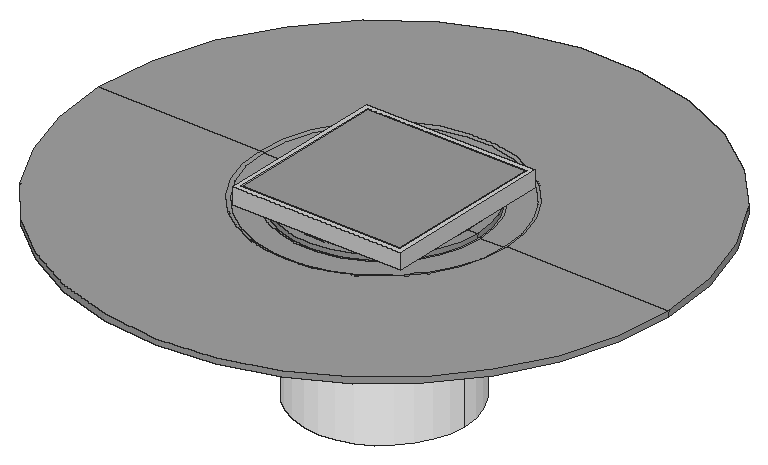
Revit family "HL_Трап для внутренних помещений_HL72.1HN", category Instalační zařizovací předměty, Revit 2016
Family settings
  Typ součásti = Normální
  Kóta kulaté spojky = Použít průměr
  Číslo OmniClass = 23.70.50.21.24.14
  Nadpis OmniClass = Deck Waste Water Drains
  Založené na pracovní rovině = Ne
  Vždy vertikální = Ano
  Ořezat dutým tvarem při načtení = Ne
  Sdílené = Ano
  Bod výpočtu místnosti = Ano
Parameters (values of type "HL72.1HN")
  РЕШЁТКА = "138x138mm / V2A"
  РАЗМЕР = "DN75/110"
  ПРОПУСКНАЯ СПОСОБНОСТЬ = 1.5 L/s
  ПРОИЗВОДИТЕЛЬНОСТЬ = "1,5 l/s"
  ПРИЁМНОЕ ОТВЕРСТИЕ = ""
  ПРАВОВАЯ ИНФОРМАЦИЯ = "Авторские права(©), права на дизайн или какие либо другие права интелектуальной собственности являются исключительной собственностью компании HL Hutterer & Lechner. Изменению не подлежит. Файл семейства с данными о прозводителе изделия защищен паролем с водяным знаком."  # constant formula
  НОРМЫ = ""
  НОМИНАЛЬНЫЙ ДИАМЕТР = 110 mm
  НАСАДКА = "20-70mm / 147x147mm / PP"
  МАТЕРИАЛ = "PP"
  МАКСИМАЛЬНАЯ НАГРУЗКА КЛАССА = "K3 - 300 kg"
  ВЫСОТА МОНТАЖА = "170mm"
  ВЕС = "2,20 [kg]"
  Připojení ventilace = no
  Výrobce = "HL Hutterer & Lechner GmbH"  # constant formula
  URL = "http://www.hutterer-lechner.com/ru/products/catalog/floor-drains/attachments/HL72.1hn.aspx"
  Připojení odpadu = yes
  Připojení HW = no
  Popis = "Трапы для внутренних помещений"
  Model = "HL72.1HN"
  Komentáře k typům = "HL72.1HN Трап для внутренних помещений DN75/110 горизонтальный с битумным полотном, 147х147мм/138х138"
  Keynote = "HL72.1HN"
  Высота монтажа [instance] = 170 mm
  EAN = "9003076072118"
  E = НОМИНАЛЬНЫЙ ДИАМЕТР = 110 mm  # yes
  DN_test [instance] = if(or(НОМИНАЛЬНЫЙ ДИАМЕТР = 75 mm, НОМИНАЛЬНЫЙ ДИАМЕТР = 110 mm), 30 mm, 0 mm)  # 30 mm
  Připojení CW = no
  C [instance] = if(НОМИНАЛЬНЫЙ ДИАМЕТР = 110 mm, 187 mm, 153.7 mm)  # 187 mm
  B [instance] = if(НОМИНАЛЬНЫЙ ДИАМЕТР = 110 mm, Высота монтажа - 66.1 mm, Высота монтажа - 72.1 mm)  # 103.9 mm
  A [instance] = if(B - 100 mm > 15 mm, B - 100 mm, 15 mm)  # 15 mm
Reference planes
  plane 1 "Center (Front/Back)": y = 0
  plane 2: z = 0
  plane 3 "Center (Left/Right)": x = 0
  plane 4 "Ball Joint Vertical": x = 25.45
  plane 5: z = -170
  plane 6: z = -103.9
Lines and regions (mm)
  model lines, style "InvisibleLines"
    curve 1: line (0, 0, 0) -> (0, 0, 1000)
  reference lines
    curve 2: line (0, 0, -103.9) -> (-187, 0, -103.9)
  model lines, detail levels coarse+medium
    curve 3: line (0, 0, -103.9) -> (0, 0, -88.9)
    curve 4: line (0, 0, -88.9) -> (88.9, 0, 0)
    curve 5: line (0, 0, -88.9) -> (-88.9, 0, 0)
    curve 22: line (0, 0, -103.9) -> (-187, 0, -103.9)
  symbolic lines, detail levels coarse+medium
    curve 6: line (-75, 75, 0) -> (75, 75, 0)
    curve 7: line (-75, -75, 0) -> (-75, 75, 0)
    curve 8: line (75, -75, 0) -> (-75, -75, 0)
    curve 9: line (75, 75, 0) -> (75, -75, 0)
    curve 10: line (75, 75, 0) -> (145.711, 145.711, 0)
    curve 11: line (75, -75, 0) -> (145.711, -145.711, 0)
    curve 12: line (-75, 75, 0) -> (-145.711, 145.711, 0)
    curve 13: line (-75, -75, 0) -> (-145.711, -145.711, 0)
  symbolic lines, not visible, detail levels coarse+medium
    curve 14: line (-75, 75, 0) -> (75, 75, 0)
    curve 15: line (-75, -75, 0) -> (-75, 75, 0)
    curve 16: line (75, -75, 0) -> (-75, -75, 0)
    curve 17: line (75, 75, 0) -> (75, -75, 0)
    curve 18: line (75, 75, 0) -> (145.711, 145.711, 0)
    curve 19: line (75, -75, 0) -> (145.711, -145.711, 0)
    curve 20: line (-75, 75, 0) -> (-145.711, 145.711, 0)
    curve 21: line (-75, -75, 0) -> (-145.711, -145.711, 0)
  symbolic lines
    curve 23: line (0, 0, 0) -> (0, 0, -30)
Text (mm)
  text "ПОЛ" at (-198.233, 0, -26.556), in view "Drain Construction View"
Dimensions and locks
  locked: plane 4 "Ball Joint Vertical" to plane 3 "Center (Left/Right)" at 25.45
  "Высота монтажа": plane 2 to plane 5
  "A": curve 5 to plane 6
  "B": curve 5 to plane 6
  "B": curve 4 to plane 6
  "B": plane 2 to plane 6
  "DN_test": curve 23 to curve 23
  "C": plane 3 "Center (Left/Right)" to curve 22
  "C": plane 3 "Center (Left/Right)" to curve 2
  locked: curve 4 to plane 3 "Center (Left/Right)" (angle 45.00°)
  locked: plane 3 "Center (Left/Right)" to curve 5 (angle 45.00°)
  aligned and locked: level to plane 2
  aligned and locked: plane 2 to curve 1
  aligned and locked: plane 3 "Center (Left/Right)" to curve 1
  aligned and locked: plane 3 "Center (Left/Right)" to curve 2
  aligned and locked: plane 3 "Center (Left/Right)" to curve 3
  aligned and locked: curve 3 to curve 2
  aligned and locked: plane 3 "Center (Left/Right)" to curve 5
  aligned and locked: plane 5 to nested 4
  aligned and locked: nested 4 to nested 3
  aligned and locked: plane 2 to nested 1
Automatic sketch dimensions
  level to curve 1 = 1000 mm
  curve 2 to plane 6 = 0 mm
Nested families
  nested 1: "HL_Решётка_HL0317.1E" at (0, 0, 0), type "HL0317.1E_Main Component"
  nested 2: "HL_Насадка_HL0317.2E" at (0, 0, 0), type "HL0317.2E_Main Component"
    with Высота монтажа 70 mm, ВМ_Тест yes, ВМ 90 mm
  nested 3: "HL_Песколовка_HL0317.5E" at (0, 0, -20.45), type "HL0317.5E_Main Component"
  nested 4: "HL_Корпус для трапа внутренних помещений_HL72.1KH" at (0, 0, -14.2), type "HL72.1KH_Main Component"
  nested 5: "HL_Уменьшение_HL0317.4E" at (-113, 0, -158.95) x (-1, 0, 0) z (0, 0, -1), visible <- "E", type "HL0317.4E_Main Component"
Connectors
  piping at (-187, 0, -103.9), diameter 110, driven by "ПРОПУСКНАЯ СПОСОБНОСТЬ", driven by "НОМИНАЛЬНЫЙ ДИАМЕТР"
    settings: on curve 2, index 1, connector inside diameter 609.6 mm, connector length 0 mm, flow factor 0, pipe flow 1.5 L/s, pressure drop 0.0 Pa, fitting loss kfactor 0, connector angle 0.00°, fixture units 0, engagement length 0 mm, angle of deflection 0.00°, flow configuration 1, flow direction 2, fitting loss method 0, system type 16, joint type 0, gender type 0, connector reference index -1, connector utility 0, adjustable connector yes, is connector primary yes, connector description ""
Definition of nested family "HL_Решётка_HL0317.1E"
  Parameters (values of type "HL0317.1E")
    РАЗМЕР = "138x138 mm"
    ПРАВОВАЯ ИНФОРМАЦИЯ = "Авторские права(©), права на дизайн или какие либо другие права интелектуальной собственности являются исключительной собственностью компании HL Hutterer & Lechner. Изменению не подлежит. Файл семейства с данными о прозводителе изделия защищен паролем с водяным знаком."  # constant formula
    МАТЕРИАЛ = "V2A"
    МАКСИМАЛЬНАЯ НАГРУЗКА КЛАССА = "K3 - 300 kg"
    ВЕС = "0,20 [kg]"
    Waste Connection = yes
    Vent Connection = no
    Manufacturer = "HL Hutterer & Lechner GmbH"  # constant formula
    URL = "http://www.hutterer-lechner.com/ru/Products/catalog/floor-drains/attachments/HL0317.1E.aspx"
    HW Connection = no
    Description = "Трапы для внутренних помещений - Комплектующие"
    Model = "HL0317.1E"
    Type Comments = "HL0317.1E Решетка для сливных отверстий из высококачественной стали 138х138мм"
    Keynote = "HL0317.1E"
    EAN = "9003076317011"
    CW Connection = no
  Reference planes
    plane 1 "Center (Front/Back)": y = 0
    plane 2: z = 0
    plane 3 "Center (Left/Right)": x = 0
    plane 4 "Ball Joint Vertical": x = 25.45
  Forms (mm)
    Extrusion 1, solid, detail levels fine
      sketch origin (0, 0, 0) x (1, 0, 0) y (0, 1, 0)
        loop
          line (-69, 69) -> (-69, -69) -> (69, -69) -> (69, 69) -> (-69, 69)
      from 0 to -5
  Lines and regions (mm)
    model lines, detail levels fine
      curve 1: line (40.5, 59.75, 0) -> (-40.5, 59.75, 0)
      curve 2: line (-40.5, 52.25, 0) -> (40.5, 52.25, 0)
      curve 3: line (24.5, 43.75, 0) -> (-24.5, 43.75, 0)
      curve 4: line (-24.5, 36.25, 0) -> (24.5, 36.25, 0)
      curve 5: line (8.5, 27.75, 0) -> (-8.5, 27.75, 0)
      curve 6: line (-8.5, 20.25, 0) -> (8.5, 20.25, 0)
      curve 7: arc (-8.5, 27.75, 0) -> (-12.25, 24, 0) -> (-8.5, 20.25, 0) r 3.75
      curve 8: arc (8.5, 20.25, 0) -> (12.25, 24, 0) -> (8.5, 27.75, 0) r 3.75
      curve 9: arc (24.5, 36.25, 0) -> (28.25, 40, 0) -> (24.5, 43.75, 0) r 3.75
      curve 10: arc (40.5, 52.25, 0) -> (44.25, 56, 0) -> (40.5, 59.75, 0) r 3.75
      curve 11: arc (-40.5, 59.75, 0) -> (-44.25, 56, 0) -> (-40.5, 52.25, 0) r 3.75
      curve 12: arc (-24.5, 43.75, 0) -> (-28.25, 40, 0) -> (-24.5, 36.25, 0) r 3.75
      curve 13: line (-59.75, 40.5, 0) -> (-59.75, -40.5, 0)
      curve 14: line (-52.25, -40.5, 0) -> (-52.25, 40.5, 0)
      curve 15: line (-43.75, 24.5, 0) -> (-43.75, -24.5, 0)
      curve 16: line (-36.25, -24.5, 0) -> (-36.25, 24.5, 0)
      curve 17: line (-27.75, 8.5, 0) -> (-27.75, -8.5, 0)
      curve 18: line (-20.25, -8.5, 0) -> (-20.25, 8.5, 0)
      curve 19: arc (-20.25, 8.5, 0) -> (-24, 12.25, 0) -> (-27.75, 8.5, 0) r 3.75
      curve 20: arc (-27.75, -8.5, 0) -> (-24, -12.25, 0) -> (-20.25, -8.5, 0) r 3.75
      curve 21: arc (-43.75, -24.5, 0) -> (-40, -28.25, 0) -> (-36.25, -24.5, 0) r 3.75
      curve 22: arc (-36.25, 24.5, 0) -> (-40, 28.25, 0) -> (-43.75, 24.5, 0) r 3.75
      curve 23: arc (-52.25, 40.5, 0) -> (-56, 44.25, 0) -> (-59.75, 40.5, 0) r 3.75
      curve 24: arc (-59.75, -40.5, 0) -> (-56, -44.25, 0) -> (-52.25, -40.5, 0) r 3.75
      curve 25: line (8.5, -20.25, 0) -> (-8.5, -20.25, 0)
      curve 26: line (-8.5, -27.75, 0) -> (8.5, -27.75, 0)
      curve 27: line (24.5, -36.25, 0) -> (-24.5, -36.25, 0)
      curve 28: line (-24.5, -43.75, 0) -> (24.5, -43.75, 0)
      curve 29: line (40.5, -52.25, 0) -> (-40.5, -52.25, 0)
      curve 30: line (-40.5, -59.75, 0) -> (40.5, -59.75, 0)
      curve 31: arc (-40.5, -52.25, 0) -> (-44.25, -56, 0) -> (-40.5, -59.75, 0) r 3.75
      curve 32: arc (40.5, -59.75, 0) -> (44.25, -56, 0) -> (40.5, -52.25, 0) r 3.75
      curve 33: arc (24.5, -43.75, 0) -> (28.25, -40, 0) -> (24.5, -36.25, 0) r 3.75
      curve 34: arc (-24.5, -36.25, 0) -> (-28.25, -40, 0) -> (-24.5, -43.75, 0) r 3.75
      curve 35: arc (-8.5, -20.25, 0) -> (-12.25, -24, 0) -> (-8.5, -27.75, 0) r 3.75
      curve 36: arc (8.5, -27.75, 0) -> (12.25, -24, 0) -> (8.5, -20.25, 0) r 3.75
      curve 37: line (20.25, 8.5, 0) -> (20.25, -8.5, 0)
      curve 38: line (27.75, -8.5, 0) -> (27.75, 8.5, 0)
      curve 39: line (36.25, 24.5, 0) -> (36.25, -24.5, 0)
      curve 40: line (43.75, -24.5, 0) -> (43.75, 24.5, 0)
      curve 41: line (52.25, 40.5, 0) -> (52.25, -40.5, 0)
      curve 42: line (59.75, -40.5, 0) -> (59.75, 40.5, 0)
      curve 43: arc (52.25, -40.5, 0) -> (56, -44.25, 0) -> (59.75, -40.5, 0) r 3.75
      curve 44: arc (36.25, -24.5, 0) -> (40, -28.25, 0) -> (43.75, -24.5, 0) r 3.75
      curve 45: arc (20.25, -8.5, 0) -> (24, -12.25, 0) -> (27.75, -8.5, 0) r 3.75
      curve 46: arc (27.75, 8.5, 0) -> (24, 12.25, 0) -> (20.25, 8.5, 0) r 3.75
      curve 47: arc (43.75, 24.5, 0) -> (40, 28.25, 0) -> (36.25, 24.5, 0) r 3.75
      curve 48: arc (59.75, 40.5, 0) -> (56, 44.25, 0) -> (52.25, 40.5, 0) r 3.75
      curve 49: line (-6.994, -2.339, 0) -> (-2.397, -6.935, 0)
      curve 50: line (-4.077, -3.134, 0) -> (-5.933, -1.278, 0)
      curve 51: line (-1.337, -5.874, 0) -> (-3.193, -4.018, 0)
      curve 52: line (-3.193, -4.018, 0) -> (-0.718, -1.543, 0)
      curve 53: line (-1.602, -0.659, 0) -> (-4.077, -3.134, 0)
      curve 54: line (-0.718, -1.543, 0) -> (1.138, -3.399, 0)
      curve 55: line (-3.458, 1.197, 0) -> (-1.602, -0.659, 0)
      curve 56: line (-1.337, 3.318, 0) -> (2.906, -0.925, 0)
      curve 57: line (3.967, 0.136, 0) -> (-0.276, 4.379, 0)
      curve 58: line (6.353, 2.523, 0) -> (3.967, 0.136, 0)
      curve 59: line (4.674, -0.925, 0) -> (7.237, 1.639, 0)
      curve 60: arc (-6.994, -2.339, 0) -> (-6.994, -1.278, 0) -> (-5.933, -1.278, 0) r 0.75
      curve 61: arc (-3.458, 1.197, 0) -> (-3.458, 2.257, 0) -> (-2.397, 2.257, 0) r 0.75
      curve 62: arc (-1.337, 3.318, 0) -> (-1.337, 4.379, 0) -> (-0.276, 4.379, 0) r 0.75
      curve 63: arc (6.353, 2.523, 0) -> (7.237, 2.523, 0) -> (7.237, 1.639, 0) r 0.625
      curve 64: arc (2.906, -0.925, 0) -> (3.79, -1.291, 0) -> (4.674, -0.925, 0) r 1.25
      curve 65: arc (-2.397, -6.935, 0) -> (-1.337, -6.935, 0) -> (-1.337, -5.874, 0) r 0.75
      curve 66: arc (1.138, -3.399, 0) -> (2.183, -3.416, 0) -> (2.232, -2.372, 0) r 0.751
      curve 67: line (2.232, -2.372, 0) -> (-2.397, 2.257, 0)
    model lines
      curve 68: line (0, 0, 0) -> (0, 0, 100)
  Text (mm)
    text "ROOF/FLOOR" at (-198.233, 0, -26.556), in view "Drain Construction View"
  Dimensions and locks
    locked: plane 4 "Ball Joint Vertical" to plane 3 "Center (Left/Right)" at 25.45
    aligned and locked: level to plane 2
Definition of nested family "HL_Насадка_HL0317.2E"
  Parameters (values of type "HL0317.2E")
    РАЗМЕР = "d 145 mm"
    ПРАВОВАЯ ИНФОРМАЦИЯ = "Авторские права(©), права на дизайн или какие либо другие права интелектуальной собственности являются исключительной собственностью компании HL Hutterer & Lechner. Изменению не подлежит. Файл семейства с данными о прозводителе изделия защищен паролем с водяным знаком."  # constant formula
    НАСАДКА = "147x147mm"
    МАТЕРИАЛ = "PP-V2A"
    Высота монтажа [instance] = 70 mm
    ВЫСОТА МОНТАЖА = "20-70mm"
    ВМ_Тест [instance] = and(or(Высота монтажа < ВМ_Max, Высота монтажа > ВМ_Min, Высота монтажа = ВМ_Min))  # yes
    ВМ_Min = 20 mm
    ВМ_Max = 70 mm
    ВМ [instance] = if(ВМ_Тест, Высота монтажа + 20 mm, 0 mm)  # 90 mm
    ВЕС = "0,13 [kg]"
    Waste Connection = yes
    Vent Connection = no
    Manufacturer = "HL Hutterer & Lechner GmbH"  # constant formula
    URL = "http://www.hutterer-lechner.com/ru/Products/catalog/floor-drains/attachments/HL0317.2E.aspx"
    HW Connection = no
    Description = "Трапы для внутренних помещений - Комплектующие"
    Model = "HL0317.2E"
    Type Comments = "HL0317.2E Насадные подрамники d 145мм/90мм/147х147мм"
    Keynote = "HL0317.2E"
    EAN = "9003076317028"
    CW Connection = no
  Reference planes
    plane 1 "Center (Front/Back)": y = 0
    plane 2: z = 0
    plane 3 "Center (Left/Right)": x = 0
    plane 4 "Ball Joint Vertical": x = 25.45
    plane 5: z = -90
  Forms (mm)
    Extrusion 1, solid, detail levels fine
      sketch origin (0, 0, 0) x (1, 0, 0) y (0, 1, 0)
        loop
          line (69.5, 69.5) -> (-69.5, 69.5) -> (-69.5, -69.5) -> (69.5, -69.5) -> (69.5, 69.5)
        loop
          line (73.5, 73.5) -> (-73.5, 73.5) -> (-73.5, -73.5) -> (73.5, -73.5) -> (73.5, 73.5)
      from 0 to -14
    Extrusion 2, solid, detail levels fine
      sketch origin (0, 0, 0) x (1, 0, 0) y (0, 1, 0)
        loop
          line (-21.332, 69.5) -> (-69.5, 69.5) -> (-69.5, 21.332)
          arc (-69.5, 21.332) -> (-51.407, 51.407) -> (-21.332, 69.5) r 72.7
        loop
          line (69.5, 21.332) -> (69.5, 69.5) -> (21.332, 69.5)
          arc (21.332, 69.5) -> (51.407, 51.407) -> (69.5, 21.332) r 72.7
        loop
          line (21.332, -69.5) -> (69.5, -69.5) -> (69.5, -21.332)
          arc (69.5, -21.332) -> (51.407, -51.407) -> (21.332, -69.5) r 72.7
        loop
          line (-69.5, -21.332) -> (-69.5, -69.5) -> (-21.332, -69.5)
          arc (-21.332, -69.5) -> (-51.407, -51.407) -> (-69.5, -21.332) r 72.7
      from -5 to -14
    Revolve 3, solid, detail levels fine
      sketch origin (0, 0, 0) x (0, 1, 0) y (0, 0, 1)
        loop
          line (72.5, -14) -> (69.3, -14) -> (69.3, -90) -> (72.5, -90) -> (72.5, -14)
        axis (0, -14) -> (0, -90)
      angle from 0 to 360
  Cuts and joins
    joined: Extrusion 1, Extrusion 2, Revolve 3
  Lines and regions (mm)
    symbolic lines, not visible
      curve 1: line (0, 0, -90) -> (0, 0, 0)
    model lines
      curve 2: line (0, 0, 0) -> (0, 0, 100)
  Text (mm)
    text "ROOF/FLOOR" at (-198.233, 0, -26.556), in view "Drain Construction View"
  Dimensions and locks
    locked: plane 4 "Ball Joint Vertical" to plane 3 "Center (Left/Right)" at 25.45
    "ВМ": plane 2 to plane 5
    aligned and locked: level to plane 2
    aligned and locked: plane 5 to cut or joined group of Extrusion 1, Extrusion 2, Revolve 3
    aligned and locked: plane 2 to curve 1
    aligned and locked: plane 5 to curve 1
    aligned and locked: plane 3 "Center (Left/Right)" to curve 1
  Automatic sketch dimensions
    Extrusion 1 sketch curve to plane 3 "Center (Left/Right)" = 73.5 mm
    Extrusion 1 sketch curve to Extrusion 1 sketch curve = 4 mm  (x4)
    plane 4 "Ball Joint Vertical" to Extrusion 1 sketch curve = 44.05 mm
    plane 1 "Center (Front/Back)" to Extrusion 1 sketch curve = 73.5 mm
    Extrusion 1 sketch curve to plane 1 "Center (Front/Back)" = 69.5 mm
    Extrusion 2 sketch curve to Extrusion 2 sketch curve = 0 mm  (x13)
    plane 1 "Center (Front/Back)" to Extrusion 2 sketch curve = 0 mm
    Extrusion 2 sketch curve to plane 3 "Center (Left/Right)" = 0 mm
    Extrusion 2 sketch curve to plane 3 "Center (Left/Right)" = 21.332 mm  (x2)
    Extrusion 2 sketch curve to Extrusion 2 sketch curve = 48.168 mm  (x2)
    Extrusion 2 sketch curve to plane 4 "Ball Joint Vertical" = 4.118 mm  (x2)
    plane 4 "Ball Joint Vertical" to Extrusion 2 sketch curve = 44.05 mm  (x2)
    plane 1 "Center (Front/Back)" to Extrusion 2 sketch curve = 21.332 mm  (x2)
    Extrusion 2 sketch curve to plane 1 "Center (Front/Back)" = 21.332 mm
    Extrusion 2 sketch curve to plane 1 "Center (Front/Back)" = 69.5 mm
    Revolve 3 sketch curve to plane 1 "Center (Front/Back)" = 0 mm
    Revolve 3 sketch curve to plane 5 = 0 mm
    Revolve 3 sketch curve to level = 14 mm
    Revolve 3 sketch curve to plane 1 "Center (Front/Back)" = 69.3 mm
    Revolve 3 sketch curve to Revolve 3 sketch curve = 3.2 mm
    Revolve 3 sketch curve to plane 5 = 430.992 mm
    level to Revolve 3 sketch curve = 2741.474 mm
    curve 2 to curve 2 = 100 mm
Definition of nested family "HL_Песколовка_HL0317.5E"
  Parameters (values of type "HL0317.5E")
    ПРАВОВАЯ ИНФОРМАЦИЯ = "Авторские права(©), права на дизайн или какие либо другие права интелектуальной собственности являются исключительной собственностью компании HL Hutterer & Lechner. Изменению не подлежит. Файл семейства с данными о прозводителе изделия защищен паролем с водяным знаком."  # constant formula
    МАТЕРИАЛ = "PP"
    ВЕС = "0,03[kg]"
    Waste Connection = yes
    Vent Connection = no
    Manufacturer = "HL Hutterer & Lechner GmbH"  # constant formula
    URL = "http://www.hutterer-lechner.com/ru/Products/catalog/floor-drains/attachments/HL0317.5E.aspx"
    HW Connection = no
    Description = "Трапы для внутренних помещений - Комплектующие"
    Model = "HL0317.5E"
    Type Comments = "HL0317.5E Песколовка"
    Keynote = "HL0317.5E"
    EAN = "9003076317059"
    CW Connection = no
  Reference planes
    plane 1 "Center (Front/Back)": y = 0
    plane 2: z = 0
    plane 3 "Center (Left/Right)": x = 0
    plane 4 "Ball Joint Vertical": x = 25.45
  Forms (mm)
    Revolve 1, solid, detail levels fine
      sketch origin (0, 0, 0) x (0, 1, 0) y (0, 0, 1)
        loop
          line (69, -29) -> (69, 0) -> (67.3, 0) -> (67.3, -27.3) -> (22, -27.3) -> (22, -8) -> (19, -8) -> (19, -29) -> (69, -29)
        axis (0, 0) -> (0, -29)
      angle from 0 to 360
  Lines and regions (mm)
    model lines, detail levels fine
      curve 1: circle (-44.62, 0, -27.3) r 5 normal (0, 0, 1)
      curve 2: circle (0, 44.62, -27.3) r 5 normal (0, 0, 1)
      curve 3: circle (44.62, 0, -27.3) r 5 normal (0, 0, 1)
      curve 4: circle (0, -44.62, -27.3) r 5 normal (0, 0, -1)
      curve 5: circle (-38.642, 22.31, -27.3) r 5 normal (0, 0, 1)
      curve 6: circle (22.31, 38.642, -27.3) r 5 normal (0, 0, 1)
      curve 7: circle (38.642, -22.31, -27.3) r 5 normal (0, 0, 1)
      curve 8: circle (-22.31, -38.642, -27.3) r 5 normal (0, 0, -1)
      curve 9: circle (-22.31, 38.642, -27.3) r 5 normal (0, 0, 1)
      curve 10: circle (38.642, 22.31, -27.3) r 5 normal (0, 0, 1)
      curve 11: circle (22.31, -38.642, -27.3) r 5 normal (0, 0, 1)
      curve 12: circle (-38.642, -22.31, -27.3) r 5 normal (0, 0, -1)
  Text (mm)
    text "ROOF/FLOOR" at (-198.233, 0, -26.556), in view "Drain Construction View"
  Dimensions and locks
    locked: plane 4 "Ball Joint Vertical" to plane 3 "Center (Left/Right)" at 25.45
    aligned and locked: level to plane 2
Definition of nested family "HL_Корпус для трапа внутренних помещений_HL72.1KH"
  Parameters (values of type "HL72.1KH")
    РАЗМЕР = "DN75/110"
    ПРОИЗВОДИТЕЛЬНОСТЬ = "1,5 l/s"
    ПРАВОВАЯ ИНФОРМАЦИЯ = "Авторские права(©), права на дизайн или какие либо другие права интелектуальной собственности являются исключительной собственностью компании HL Hutterer & Lechner. Изменению не подлежит. Файл семейства с данными о прозводителе изделия защищен паролем с водяным знаком."  # constant formula
    МАТЕРИАЛ = "PP"
    ВЫСОТА МОНТАЖА = "150mm"
    ВЕС = "1,57 [kg]"
    Waste Connection = yes
    Vent Connection = no
    Manufacturer = "HL Hutterer & Lechner GmbH"  # constant formula
    URL = "http://www.hutterer-lechner.com/ru/Products/catalog/floor-drains/attachments/HL72.1KH.aspx"
    HW Connection = no
    Description = "Трапы для внутренних помещений - Комплектующие"
    Model = "HL72.1KH"
    Type Comments = "HL72.1KH"
    Keynote = "HL72.1KH"
    EAN = "9003076008995"
    CW Connection = no
  Reference planes
    plane 1 "Center (Front/Back)": y = 0
    plane 2: z = 0
    plane 3 "Center (Left/Right)": x = 0
    plane 4 "Ball Joint Vertical": x = 25.45
  Forms (mm)
    Revolve 1, solid, detail levels fine
      sketch origin (0, 0, 0) x (1, 0, 0) y (0, 0, 1)
        loop
          line (0, -155.8) -> (71, -155.8) -> (71, -40.3) -> (83.205, -40.3) -> (89.5, -26.8) -> (89.5, -17) -> (94.734, -17) -> (95.169, -8.715) -> (79.5, -8.715) -> (79.5, -35.25) -> (68, -35.25) -> (68, -37.01) -> (60.505, -37.01) -> (60.505, -46.51) -> (68, -46.51) -> (68, -152.8) -> (0, -152.8) -> (0, -155.8)
        axis (0, -8.715) -> (0, -155.8)
      angle from 0 to 360
    Revolve 2, solid, detail levels fine
      sketch origin (0, 0, 0) x (1, 0, 0) y (0, 0, 1)
        loop
          line (95.169, -8.715) -> (109.454, -7.465) -> (147.749, -6.796) -> (250, -6.796) -> (250, -1.759) -> (108.368, -1.759)
          arc (108.368, -1.759) -> (107.012, -2.429) -> (105.528, -2.714) r 5.645
          line (105.528, -2.714) -> (85.378, -3.066)
          arc (85.378, -3.066) -> (83.904, -3.254) -> (82.5, -3.74) r 7.21
          line (82.5, -3.74) -> (82.5, -8.715) -> (95.169, -8.715)
        axis (0, -1.759) -> (0, -8.715)
      angle from 0 to 360
    Revolve 3, solid, detail levels fine
      sketch origin (0, 0, 0) x (1, 0, 0) y (0, 0, 1)
        loop
          line (82.5, 0) -> (74.9, 0)
          arc (74.9, 0) -> (72.291, -1.519) -> (72.325, -4.538) r 3
          line (72.325, -4.538) -> (72.999, -6.497) -> (72.999, -35.25) -> (79.5, -35.25) -> (79.5, -8.715) -> (82.5, -8.715) -> (82.5, 0)
        axis (0, 0) -> (0, -35.25)
      angle from 0 to 360
    Revolve 4, solid, detail levels fine
      sketch origin (0, 0, 0) x (1, 0, 0) y (0, 0, 1)
        loop
          line (-153.7, -46.25) -> (-153.7, -49.25) -> (-42.114, -49.25) -> (-42.114, -46.25) -> (-153.7, -46.25)
        axis (-153.7, -83.75) -> (-42.114, -83.75)
      angle from 0 to 360
    Extrusion 5, solid, detail levels fine
      sketch origin (0, 0, 0) x (1, 0, 0) y (0, 1, 0)
        loop
          circle (0, 0) r 60.505
      from -46.51 to -45.51
    Extrusion 6, void
      sketch origin (0, 0, 0) x (1, 0, 0) y (0, 1, 0)
        loop
          line (35.837, 48.75) -> (-19.675, 48.75) -> (-19.675, -48.75) -> (35.837, -48.75)
          arc (35.837, -48.75) -> (40.91, -44.579) -> (45.5, -39.883) r 60.505
          line (45.5, -39.883) -> (45.5, 39.883)
          arc (45.5, 39.883) -> (40.91, 44.579) -> (35.837, 48.75) r 60.505
      from -63.873 to -26.8
    Extrusion 7, solid, detail levels fine
      sketch origin (0, 0, 0) x (1, 0, 0) y (0, 1, 0)
        loop
          arc (35.837, 48.75) -> (34.778, 49.512) -> (33.702, 50.25) r 60.505
          line (33.702, 50.25) -> (-4.07, 50.25) -> (-4.07, 48.75) -> (35.837, 48.75)
        loop
          line (-4.07, -48.75) -> (-4.07, -50.25) -> (33.702, -50.25)
          arc (33.702, -50.25) -> (34.778, -49.512) -> (35.837, -48.75) r 60.505
          line (35.837, -48.75) -> (-4.07, -48.75)
        loop
          line (45.5, 39.883) -> (45.5, -39.883)
          arc (45.5, -39.883) -> (46.259, -39) -> (47, -38.103) r 60.505
          line (47, -38.103) -> (47, 38.103)
          arc (47, 38.103) -> (46.259, 39) -> (45.5, 39.883) r 60.505
      from -134.01 to -46.51
    Extrusion 8, solid, detail levels fine
      sketch origin (0, 0, 0) x (1, 0, 0) y (0, 0, 1)
        loop
          line (-21, -46.51) -> (-5.571, -134.01) -> (-4.07, -134.01) -> (-19.499, -46.51) -> (-21, -46.51)
      from 50.25 to -50.25
    Extrusion 9, solid, detail levels fine
      sketch origin (0, 0, 0) x (1, 0, 0) y (0, 0, 1)
        loop
          line (-4.07, -134.01) -> (-4.07, -46.51) -> (-19.499, -46.51) -> (-4.07, -134.01)
      from -48.75 to -50.25
    Extrusion 10, solid, detail levels fine
      sketch origin (0, 0, 0) x (1, 0, 0) y (0, 0, 1)
        loop
          line (-4.07, -46.51) -> (-19.499, -46.51) -> (-4.07, -134.01) -> (-4.07, -46.51)
      from 48.75 to 50.25
    Extrusion 11, void
      sketch origin (0, 0, 0) x (0, 1, 0) y (0, 0, 1)
        loop
          circle (0, -83.75) r 34.5
      from -42.114 to -128.469
    Revolve 12, void
      sketch origin (0, 0, 0) x (1, 0, 0) y (0, 0, 1)
        loop
          line (0, -129.446) -> (68, -129.446) -> (68, 17.174) -> (0, 17.174) -> (0, -129.446)
        axis (0, 17.174) -> (0, -129.446)
      angle from 0 to 360
    Extrusion 13, solid, detail levels fine
      sketch origin (0, 0, 0) x (1, 0, 0) y (0, 1, 0)
        loop
          arc (-30.916, 60.566) -> (-32.179, 59.904) -> (-33.429, 59.216) r 68
          arc (-33.429, 59.216) -> (-42.009, 0) -> (-33.429, -59.216) r 208.633
          arc (-33.429, -59.216) -> (-32.184, -59.901) -> (-30.926, -60.56) r 68
          arc (-30.926, -60.56) -> (-39.972, 0.003) -> (-30.916, 60.566) r 207.146
      from -75.3 to -152.8
  Cuts and joins
    Extrusion 11 cuts Revolve 1
    Extrusion 6 cuts Extrusion 5
    joined: Revolve 1, Extrusion 5, Extrusion 7, Extrusion 8, Extrusion 9, Extrusion 10, Extrusion 13
    Revolve 12 cuts Revolve 4
  Lines and regions (mm)
    model lines, detail levels fine
      curve 1: line (-5.307, 98.186, -1.759) -> (-3.194, 98.186, -1.759)
      curve 2: line (-4.093, 97.29, -1.759) -> (-5.307, 97.29, -1.759)
      curve 3: line (-4.093, 97.29, -1.759) -> (-4.093, 93.786, -1.759)
      curve 4: line (-3.194, 98.186, -1.759) -> (-3.194, 93.786, -1.759)
      curve 5: line (-1.279, 97.732, -1.759) -> (-1.279, 96.767, -1.759)
      curve 6: line (-2.179, 97.732, -1.759) -> (-2.179, 93.786, -1.759)
      curve 7: arc (-2.179, 97.732, -1.759) -> (-1.729, 98.182, -1.759) -> (-1.279, 97.732, -1.759) r 0.45
      curve 8: arc (-2.179, 93.786, -1.759) -> (-1.729, 93.336, -1.759) -> (-1.279, 93.786, -1.759) r 0.45
      curve 9: arc (-0.662, 96.154, -1.759) -> (-1.096, 96.333, -1.759) -> (-1.275, 96.767, -1.759) r 0.613
      curve 10: line (-1.279, 93.786, -1.759) -> (-1.279, 94.751, -1.759)
      curve 11: arc (-0.662, 95.364, -1.759) -> (-1.096, 95.185, -1.759) -> (-1.275, 94.751, -1.759) r 0.613
      curve 12: line (1.033, 97.732, -1.759) -> (1.033, 96.767, -1.759)
      curve 13: line (1.933, 97.732, -1.759) -> (1.933, 93.786, -1.759)
      curve 14: arc (1.933, 97.732, -1.759) -> (1.483, 98.182, -1.759) -> (1.033, 97.732, -1.759) r 0.45
      curve 15: arc (1.933, 93.786, -1.759) -> (1.483, 93.336, -1.759) -> (1.033, 93.786, -1.759) r 0.45
      curve 16: arc (0.417, 96.154, -1.759) -> (0.85, 96.333, -1.759) -> (1.03, 96.767, -1.759) r 0.613
      curve 17: line (1.033, 93.786, -1.759) -> (1.033, 94.751, -1.759)
      curve 18: arc (0.417, 95.364, -1.759) -> (0.85, 95.185, -1.759) -> (1.03, 94.751, -1.759) r 0.613
      curve 19: line (-0.662, 96.154, -1.759) -> (0.417, 96.154, -1.759)
      curve 20: line (-0.662, 95.364, -1.759) -> (0.417, 95.364, -1.759)
      curve 21: arc (-5.307, 98.186, -1.759) -> (-5.755, 97.738, -1.759) -> (-5.307, 97.29, -1.759) r 0.448
      curve 22: arc (-3.194, 93.786, -1.759) -> (-3.644, 93.337, -1.759) -> (-4.093, 93.786, -1.759) r 0.45
  Text (mm)
    text "ROOF/FLOOR" at (-198.233, 0, -26.556), in view "Drain Construction View"
  Dimensions and locks
    locked: plane 4 "Ball Joint Vertical" to plane 3 "Center (Left/Right)" at 25.45
    aligned and locked: level to plane 2
Definition of nested family "HL_Уменьшение_HL0317.4E"
  Parameters (values of type "HL0317.4E")
    РАЗМЕР = "DN110xDN75"
    ПРАВОВАЯ ИНФОРМАЦИЯ = "Авторские права(©), права на дизайн или какие либо другие права интелектуальной собственности являются исключительной собственностью компании HL Hutterer & Lechner. Изменению не подлежит. Файл семейства с данными о прозводителе изделия защищен паролем с водяным знаком."  # constant formula
    МАТЕРИАЛ = "PP"
    ВЕС = "0,10 [kg]"
    Waste Connection = yes
    Vent Connection = no
    Manufacturer = "HL Hutterer & Lechner GmbH"  # constant formula
    URL = "http://www.hutterer-lechner.com/ru/Products/catalog/floor-drains/attachments/HL0317.4E.aspx"
    HW Connection = no
    Description = "Трапы для внутренних помещений - Комплектующие"
    Model = "HL0317.4E"
    Type Comments = "HL0317.4E Уменьшение DN110xDN75"
    Keynote = "HL0317.4E"
    EAN = "9003076317042"
    CW Connection = no
  Reference planes
    plane 1 "Center (Front/Back)": y = 0
    plane 2: z = 0
    plane 3 "Center (Left/Right)": x = 0
    plane 4 "Ball Joint Vertical": x = 25.45
  Forms (mm)
    Revolve 1, solid, detail levels fine
      sketch origin (0, 0, 0) x (1, 0, 0) y (0, 0, 1)
        loop
          line (74, -2.7) -> (74, 0) -> (0, 0) -> (0, -55) -> (3, -55) -> (3, -2.7) -> (74, -2.7)
        axis (74, -55) -> (0, -55)
      angle from 0 to 360
    Revolve 2, solid, detail levels fine
      sketch origin (0, 0, 0) x (1, 0, 0) y (0, 0, 1)
        loop
          line (-15, -21.165) -> (-15, -23.3) -> (39.9, -23.3) -> (39.9, -21.3) -> (0, -21.3) -> (0, -17) -> (-8.629, -17) -> (-11.112, -21.165) -> (-15, -21.165)
        axis (-15, -61) -> (39.9, -61)
      angle from 0 to 360
    Extrusion 3, void
      sketch origin (0, 0, 0) x (0, 1, 0) y (0, 0, 1)
        loop
          arc (-33.715, -46.537) -> (-35.917, -53.62) -> (-36.661, -61) r 36.983
          arc (-36.661, -61) -> (-12.182, -95.805) -> (28.85, -84.535) r 36.983
          arc (28.85, -84.535) -> (31.932, -80.198) -> (34.36, -75.463) r 36.983
          arc (34.36, -75.463) -> (36.561, -68.38) -> (37.305, -61) r 36.983
          arc (37.305, -61) -> (7.702, -24.761) -> (-33.715, -46.537) r 36.983
      from 55.439 to -38.757
  Cuts and joins
    Extrusion 3 cuts Revolve 1
  Text (mm)
    text "ROOF/FLOOR" at (-198.233, 0, -26.556), in view "Drain Construction View"
  Dimensions and locks
    locked: plane 4 "Ball Joint Vertical" to plane 3 "Center (Left/Right)" at 25.45
    aligned and locked: level to plane 2
